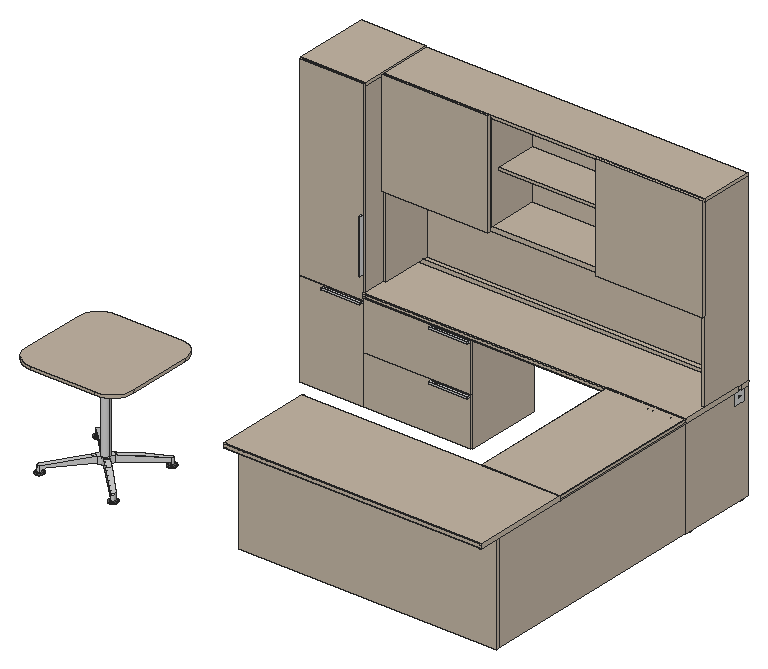
Revit family "FLT007", category Furniture, Revit 2015 (continued)
Definition of nested family "JSI-Flux-File_Pdst_Crdnz"
  Dimensions and locks (in)
    aligned and locked: Extrusion 9 sketch curve to plane 2 "Center (Left/Right)"
    aligned and locked: Extrusion 10 sketch curve to plane 30
    aligned and locked: Extrusion 10 sketch curve to plane 24
    aligned and locked: Extrusion 10 sketch curve to plane 33
    aligned and locked: Extrusion 10 sketch curve to plane 20
    aligned and locked: Extrusion 10 to plane 9
    aligned and locked: plane 13 to Extrusion 10
    aligned and locked: Extrusion 1 sketch curve to plane 6
    aligned and locked: Extrusion 1 sketch curve to plane 20
    aligned and locked: plane 13 to Extrusion 11 sketch curve
    aligned and locked: plane 12 to Extrusion 11 sketch curve
    aligned and locked: plane 22 to Extrusion 11 sketch curve
    aligned and locked: plane 21 to Extrusion 11 sketch curve
    aligned and locked: plane 33 to Extrusion 11
    aligned and locked: Extrusion 11 to plane 30
    aligned and locked: plane 13 to Extrusion 12 sketch curve
    aligned and locked: plane 17 to Extrusion 12 sketch curve
    aligned and locked: plane 21 to Extrusion 12 sketch curve
    aligned and locked: plane 20 to Extrusion 12 sketch curve
    aligned and locked: plane 18 to Extrusion 13 sketch curve
    aligned and locked: plane 12 to Extrusion 13 sketch curve
    aligned and locked: plane 20 to Extrusion 13 sketch curve
    aligned and locked: plane 21 to Extrusion 13 sketch curve
    aligned and locked: plane 33 to Extrusion 13
    aligned and locked: plane 33 to Extrusion 12
    aligned and locked: Extrusion 13 to plane 30
    aligned and locked: Extrusion 12 to plane 30
    aligned and locked: Extrusion 15 sketch curve to plane 42
    aligned and locked: Extrusion 15 sketch curve to plane 11
    aligned and locked: Extrusion 15 sketch curve to plane 41
    aligned and locked: Extrusion 15 sketch curve to plane 12
    aligned and locked: plane 43 to Extrusion 15
    aligned and locked: Extrusion 15 to plane 64
    aligned and locked: Extrusion 16 sketch curve to plane 42
    aligned and locked: Extrusion 16 sketch curve to plane 11
    aligned and locked: Extrusion 16 sketch curve to plane 41
    aligned and locked: Extrusion 16 sketch curve to plane 12
    aligned and locked: plane 63 to Extrusion 16
    aligned and locked: Extrusion 16 to plane 39
    aligned and locked: nested 1 to plane 65
    aligned and locked: nested 3 to plane 65
    aligned and locked: plane 66 to nested 3
    aligned and locked: nested 1 to plane 11  (x2)
    aligned and locked: plane 11 to nested 3
    aligned and locked: nested 3 to plane 11
    aligned and locked: Extrusion 17 sketch curve to plane 35
    aligned and locked: Extrusion 17 sketch curve to plane 27
    aligned and locked: Extrusion 17 sketch curve to plane 57
    aligned and locked: Extrusion 17 sketch curve to plane 58
    aligned and locked: Extrusion 17 to plane 3 "Center (Front/Back)"
    aligned and locked: plane 13 to Extrusion 17
    aligned and locked: Extrusion 18 sketch curve to Extrusion 14  (x9)
    aligned and locked: Extrusion 18 to plane 5
    aligned and locked: plane 40 to Extrusion 18
    aligned and locked: plane 2 "Center (Left/Right)" to curve 6
    aligned and locked: plane 2 "Center (Left/Right)" to curve 5
    aligned and locked: plane 25 to Extrusion 19 sketch curve
    aligned and locked: plane 24 to Extrusion 19 sketch curve
    aligned and locked: plane 12 to Extrusion 19 sketch curve
    aligned and locked: plane 16 to Extrusion 19 sketch curve
    aligned and locked: plane 33 to Extrusion 19
    aligned and locked: Extrusion 19 to plane 30
    aligned and locked: plane 68 to Extrusion 14
    aligned and locked: Extrusion 14 to plane 69
    aligned and locked: plane 70 to Extrusion 2
    aligned and locked: plane 67 to cut or joined group of Extrusion 3, Extrusion 9
    aligned and locked: curve 3 to plane 67
    aligned and locked: plane 67 to Extrusion 9
    aligned and locked: plane 24 to Extrusion 20 sketch curve
    aligned and locked: plane 11 to Extrusion 20 sketch curve
    aligned and locked: plane 6 to Extrusion 20 sketch curve
    aligned and locked: plane 20 to Extrusion 20 sketch curve
    aligned and locked: plane 51 to Extrusion 20 sketch curve
    aligned and locked: plane 16 to Extrusion 20 sketch curve
    aligned and locked: plane 26 to Extrusion 20 sketch curve
    aligned and locked: Extrusion 20 to plane 71
    aligned and locked: plane 74 to Extrusion 20
    aligned and locked: Extrusion 21 sketch curve to plane 72
    aligned and locked: Extrusion 21 sketch curve to plane 73
    aligned and locked: Extrusion 21 sketch curve to plane 9
    aligned and locked: Extrusion 21 sketch curve to plane 13
    aligned and locked: plane 24 to Extrusion 21
    aligned and locked: Extrusion 21 to plane 20
    aligned and locked: plane 55 to Extrusion 9
    aligned and locked: Extrusion 9 to plane 54
    aligned and locked: Extrusion 9 to plane 52
    aligned and locked: plane 53 to Extrusion 9
    aligned and locked: plane 1 to Extrusion 22
    aligned and locked: plane 1 to Extrusion 23
    aligned and locked: plane 20 to Extrusion 23
    aligned and locked: plane 20 to Extrusion 22
    aligned and locked: Extrusion 24 to plane 1
    aligned and locked: plane 20 to Extrusion 24
    aligned and locked: plane 78 to nested 2
    aligned and locked: curve 7 to plane 31
    aligned and locked: curve 8 to plane 30
    aligned and locked: curve 9 to plane 6
    aligned and locked: curve 10 to plane 12
    aligned and locked: curve 11 to plane 33
    aligned and locked: curve 12 to plane 7
    aligned and locked: curve 13 to plane 6
    aligned and locked: curve 14 to plane 12
    aligned and locked: plane 30 to curve 15
    aligned and locked: plane 33 to curve 16
    aligned and locked: plane 33 to curve 15
    aligned and locked: curve 17 to plane 9
    aligned and locked: curve 18 to plane 13
    aligned and locked: curve 19 to plane 72
    aligned and locked: curve 20 to plane 73
    aligned and locked: curve 22 to plane 74
    aligned and locked: curve 23 to plane 6
    aligned and locked: curve 24 to plane 11
    aligned and locked: curve 21 to plane 71
  Automatic sketch dimensions
    plane 14 to Extrusion 4 sketch curve = 0' - 0"
    Extrusion 4 sketch curve to plane 47 = 0' - 0"
    plane 46 to Extrusion 5 sketch curve = 0' - 0"
    Extrusion 5 sketch curve to plane 47 = 0' - 0"
    Extrusion 3 sketch curve to plane 11 = 0' - 0"  (x2)
    Extrusion 3 sketch curve to plane 9 = 0' - 0"  (x2)
    Extrusion 1 sketch curve to plane 15 = 0' - 0"
    Extrusion 1 sketch curve to plane 14 = 0' - 0"
    Extrusion 8 sketch curve to plane 15 = 0' - 0"
    Extrusion 8 sketch curve to plane 14 = 0' - 0"
    Extrusion 8 sketch curve to plane 24 = 0' - 0"  (x2)
    plane 14 to Extrusion 6 sketch curve = 0' - 0"
    Extrusion 6 sketch curve to plane 56 = 0' - 0"
    plane 46 to Extrusion 7 sketch curve = 0' - 0"
    Extrusion 7 sketch curve to plane 56 = 0' - 0"
    Extrusion 14 sketch curve to plane 16 = 0' - 0"
    Extrusion 14 sketch curve to plane 24 = 0' - 0"  (x2)
    Extrusion 14 sketch curve to plane 62 = 0' - 0"
    Extrusion 14 sketch curve to plane 59 = 0' - 0"
    Extrusion 14 sketch curve to plane 60 = 0' - 0"
    Extrusion 14 sketch curve to plane 61 = 0' - 0"
    Extrusion 14 sketch curve to plane 14 = 0' - 0"
    Extrusion 14 sketch curve to plane 26 = 0' - 0"
    Extrusion 14 sketch curve to plane 25 = 0' - 0.13664"  (x2)
    plane 28 to Extrusion 17 sketch curve = 0' - 0 5/8"
    Extrusion 17 sketch curve to Extrusion 17 sketch curve = 0' - 0"
    Extrusion 17 sketch curve to plane 58 = 0' - 1"  (x2)
    plane 53 to curve 6 = 0' - 0"
    plane 52 to curve 5 = 0' - 0"
    plane 4 to Extrusion 9 sketch curve = 5' - 5 7/8"
    Extrusion 20 sketch curve to plane 24 = 0' - 0"
    Extrusion 20 sketch curve to plane 15 = 0' - 0"
    Extrusion 20 sketch curve to plane 14 = 0' - 0"
    plane 14 to Extrusion 22 sketch curve = 0' - 0"
    Extrusion 22 sketch curve to plane 75 = 0' - 0"
    plane 46 to Extrusion 23 sketch curve = 0' - 0"
    Extrusion 23 sketch curve to plane 75 = 0' - 0"
    Extrusion 24 sketch curve to plane 76 = 0' - 0"
    plane 77 to Extrusion 24 sketch curve = 0' - 0"
    plane 13 to curve 16 = 0' - 0"
    plane 9 to curve 15 = 0' - 0"
  Nested families (in)
    nested 1: "Bar Pull C" at (-14.94689, -11.125, 27.48437), Pull Finish <- "Pull Finish", type "PL"
      with Pull Finish none, Stud 0' - 1.54911", Pull Width 0' - 10 27/32"
    nested 2: "Label 1-16" at (-21.00163, -11.25, 0), type "DRWCFG"
    nested 3: "Bar Pull C" at (-14.94689, -11.125, 13.79688), Pull Finish <- "Pull Finish", type "PL"
      with Pull Finish none, Stud 0' - 1.54911", Pull Width 0' - 10 27/32"
  Definition of nested family "Bar Pull C"
    Parameters
      Stud = Pull Width / 7  # 0' - 1.26339"
      Pull Width = 0' - 8 27/32"
      Pull Line [instance] = yes
      Pull Finish [instance] = none
    Reference planes (in)
      plane 1 "Center Front/Back": y = 0
      plane 2: z = 0
      plane 3 "Center Left/Right": x = 3.24213
      plane 4: y = -0.125
    Forms (in)
      Extrusion 1, solid, material <- "Pull Finish"
        sketch origin (0, 0, 0) x (1, 0, 0) y (0, 1, 0)
          loop
            line (-1.17975, 0) -> (-1.17975, -0.85113)
            arc (-1.17975, -0.85113) -> (-1.15229, -0.91742) -> (-1.086, -0.94488) r 0.09375
            line (-1.086, -0.94488) -> (7.58526, -0.94488)
            arc (7.58526, -0.94488) -> (7.64094, -0.92182) -> (7.664, -0.86614) r 0.07874
            line (7.664, -0.86614) -> (7.664, 0) -> (6.40061, 0) -> (6.40061, -0.70177)
            arc (6.40061, -0.70177) -> (6.364, -0.79016) -> (6.27561, -0.82677) r 0.125
            line (6.27561, -0.82677) -> (0.20864, -0.82677)
            arc (0.20864, -0.82677) -> (0.12026, -0.79016) -> (0.08364, -0.70177) r 0.125
            line (0.08364, -0.70177) -> (0.08364, 0) -> (-1.17975, 0)
        from -0.43307 to -0.11811
      Extrusion 2, solid, material <- "Pull Finish"
        sketch origin (0, 0, 0) x (1, 0, 0) y (0, 1, 0)
          loop
            line (-1.17975, 0) -> (-1.17975, -0.85113)
            arc (-1.17975, -0.85113) -> (-1.15229, -0.91742) -> (-1.086, -0.94488) r 0.09375
            line (-1.086, -0.94488) -> (7.58526, -0.94488)
            arc (7.58526, -0.94488) -> (7.64094, -0.92182) -> (7.664, -0.86614) r 0.07874
            line (7.664, -0.86614) -> (7.664, 0) -> (-1.17975, 0)
        from 0 to -0.11811
    Cuts and joins
      joined: Extrusion 1, Extrusion 2
    Lines and regions (in)
      symbolic lines, visible <- "Pull Line"
        curve 1: line (-1.17975, -0.125, 0) -> (-1.17975, -0.85113, 0)
        curve 2: line (7.664, -0.86614, 0) -> (7.664, -0.125, 0)
        curve 3: line (-1.086, -0.94488, 0) -> (7.58526, -0.94488, 0)
        curve 4: arc (-1.17975, -0.85113, 0) -> (-1.15229, -0.91742, 0) -> (-1.086, -0.94488, 0) r 0.09375
        curve 5: arc (7.58526, -0.94488, 0) -> (7.64094, -0.92182, 0) -> (7.664, -0.86614, 0) r 0.07874
    Dimensions and locks (in)
      equal spacing: Extrusion 1 sketch curve, plane 3 "Center Left/Right", Extrusion 1 sketch curve
      "Stud": Extrusion 1 sketch curve to Extrusion 1 sketch curve  (x2)
      "Pull Width": Extrusion 1 sketch curve to Extrusion 1 sketch curve
      locked: plane 4 to plane 1 "Center Front/Back" at 0.125
      aligned and locked: level to plane 2
      aligned and locked: Extrusion 2 sketch curve to Extrusion 1  (x2)
      aligned and locked: cut or joined group of Extrusion 1, Extrusion 2 to curve 1
      aligned and locked: curve 4 to cut or joined group of Extrusion 1, Extrusion 2
      aligned and locked: curve 5 to cut or joined group of Extrusion 1, Extrusion 2
      aligned and locked: plane 4 to curve 1
      aligned and locked: plane 4 to curve 2
    Automatic sketch dimensions
      plane 1 "Center Front/Back" to Extrusion 2 sketch curve = 0' - 0"
      plane 1 "Center Front/Back" to Extrusion 1 sketch curve = 0' - 0"  (x2)
      Extrusion 1 sketch curve to Extrusion 1 sketch curve = 0' - 0 3/32"
      Extrusion 1 sketch curve to Extrusion 1 sketch curve = 0' - 0 1/8"  (x2)
      Extrusion 1 sketch curve to Extrusion 1 sketch curve = 0' - 0.07874"
      plane 4 to Extrusion 1 sketch curve = 0' - 0.57677"
      plane 4 to Extrusion 1 sketch curve = 0' - 0.72613"
  Definition of nested family "Label 1-16"
    Parameters
      Model Name = "LOW DOOR"
    Reference planes (in)
      plane 1: y = 0
      plane 2: x = 0
    Text (in)
      label "XX" at (0.00051, -0.12324, 0), shows "Model Name"
Definition of nested family "JSI-Flux-Dbl_Ht_OH_Cab_Sldng_Dr"
  Parameters (values of type "Type Catalog - Dbl Ht Strg OH Cab, Sldng Dr")
    Wiring Hole Dist = if(Door Adjust > 3, 1' 6", 0' 9")  # 1' - 6"
    Top = none
    Width = 7' - 11 7/8"
    URL = "www.jsifurniture.com"
    Type Comments = ""
    TAG = if(Width > 6' 6", "1 Door - Open - 1 Door", "1 Door - Open")  # "1 Door - Open - 1 Door"
    Shelf Width_L = ((Partition Distance_L) - 0' 0 3/4")  # 2' - 6 13/16"
    Shelf Width_R = ((Partition Distance_L) - 0' 0 3/4")  # 2' - 6 13/16"
    Shelf Dist_R = if(Door Adjust = 6, (Shelf Width_L + Shelf Width_Central + (0' 0 3/4" * 3)), (Shelf Width_L + (0' 0 3/4" * 2)))  # 5' - 4 5/16"
    Shelf Dist_L = 0' - 0 3/4"
    Shelf Dist_C = if(Door Adjust = 6, (Partition Distance_L + 0' 0 3/4"), (if(Door Adjust = 4, 0' 0 3/4", (Partition Distance_L + 0' 0 3/4"))))  # 2' - 8 5/16"
    Shelf = none
    Series = "FLUX"  # constant formula
    Part-R = yes
    Part-L = yes
    Partition Distance_R = if(Door Adjust > 4, ((Door Adjust Width * 2) + 0' 0 1/8" - 0' 0 5/16"), ((Width / 2) - 0' 0 3/8"))  # 2' - 7 9/16"
    Partition Distance_L = if(Door Adjust > 4, ((Door Adjust Width * 2) + 0' 0 1/8" - 0' 0 5/16"), ((Width / 2) - 0' 0 3/8"))  # 2' - 7 9/16"
    OH Elevation = 2' - 5"
    Model = ""
    Manufacturer = "JSI"  # constant formula
    Level of Base Shelve = 1' - 11"
    Keynote = "12500"
    JSI Enviromental Website = "http://www.jsifurniture.com/jsi_sustainability_intro.php"
    Height = 4' - 4"
    Door Width = Partition Distance_L + 0' 0 5/16"  # 2' - 7 7/8"
    Door Array Dist = if(Door Adjust > 4, Shelf Dist_R - 0' 0 5/16", 0' 0")  # 5' - 4"
    Door Adjust Width = (Width - (0' 0 1/8" * (Door Adjust - 1))) / Door Adjust  # 1' - 3 7/8"
    Shelf Width_Central = if(Door Adjust > 4, (Width - (Shelf Width_L * 2) - 0' 3"), Shelf Width_L)  # 2' - 7 1/4"
    Back Panel = none
    Door Front = none
    Description = ""
    Depth = 1' - 3 7/8"
    Chassis = none
    Assembly Code = "E2020200"
    Door Adjust = if(Width > 6' 6", 6, if(Width > 4' 6", 4, (if(Width > 3' 0", 3, 2))))  # 6
    # of Doors = 2
  Reference planes (in)
    plane 1: z = 0
    plane 2 "Center (Left/Right)": x = -36.06413
    plane 3 "Center (Front/Back)": y = 10.75
    plane 4: y = 10
    plane 5: x = -35.31413
    plane 6: x = 59.81087
    plane 7: x = 59.06087
    plane 8: x = -4.50163
    plane 9: x = -3.75163
    plane 10: x = 28.24837
    plane 11: x = 27.49837
    plane 12: y = -5.0625
    plane 13: y = -4.3125
    plane 14: y = -4.25
    plane 15: y = -2.0625
    plane 16: y = -5.125
    plane 17: x = 11.87337
    plane 18: z = 29
    plane 19: z = 52
    plane 20: z = 53.1875
    plane 21: z = 51.75
    plane 22: z = 66.34375
    plane 23: z = 67.09375
    plane 24: z = 80.25
    plane 25: z = 81
    plane 26: z = 66.71875
    plane 27: y = 9.9375
    plane 28: y = 10.6875
    plane 29: x = -20.18913
    plane 30: x = -20.06413
    plane 31: z = 51.5
    plane 32: x = -35.31413
    plane 33: x = -4.50163
    plane 34: x = -3.75163
    plane 35: x = 28.24837
    plane 36: x = 27.49837
    plane 37: x = 59.06087
    plane 38: x = -18.06413
    plane 39: x = 41.81087
    plane 40: x = 43.93587
    plane 41: x = 43.81087
  Forms (in)
    Extrusion 1, solid, material <- "Chassis"
      sketch origin (0, 0, 0) x (1, 0, 0) y (0, 1, 0)
        loop
          line (-36.06413, 10.75) -> (-36.06413, -4.25) -> (-35.31413, -4.25) -> (-35.31413, 10.75) -> (-36.06413, 10.75)
      from 29 to 80.25
    Extrusion 2, solid, material <- "Chassis"
      sketch origin (0, 0, 0) x (1, 0, 0) y (0, 1, 0)
        loop
          line (59.06087, 10.75) -> (59.06087, -4.25) -> (59.81087, -4.25) -> (59.81087, 10.75) -> (59.06087, 10.75)
      from 29 to 80.25
    Extrusion 3, solid, material <- "Top"
      sketch origin (0, 0, 0) x (1, 0, 0) y (0, 0, 1)
        loop
          line (-36.06413, 80.25) -> (59.81087, 80.25) -> (59.81087, 81) -> (-36.06413, 81) -> (-36.06413, 80.25)
      from -10.75 to 4.25
    Extrusion 4, solid, material <- "Shelf"
      sketch origin (0, 0, 0) x (1, 0, 0) y (0, 0, 1)
        loop
          line (-35.31413, 53.1875) -> (-35.31413, 52) -> (59.06087, 52) -> (59.06087, 53.1875) -> (-35.31413, 53.1875)
      from -9.9375 to 4.25
    Extrusion 5, solid, material <- "Shelf"
      sketch origin (15.13982, 0, 0) x (1, 0, 0) y (0, 0, 1)
        loop
          line (-50.45396, 67.09375) -> (-50.45396, 66.34375) -> (-19.64146, 66.34375) -> (-19.64146, 67.09375) -> (-50.45396, 67.09375)
      from -9.9375 to 2.0625
    Extrusion 6, solid, material <- "Shelf"
      sketch origin (15.13982, 0, 0) x (1, 0, 0) y (0, 0, 1)
        loop
          line (-18.89146, 67.09375) -> (-18.89146, 66.34375) -> (12.35854, 66.34375) -> (12.35854, 67.09375) -> (-18.89146, 67.09375)
      from -9.9375 to 2.0625
    Extrusion 7, solid, material <- "Shelf"
      sketch origin (15.13982, 0, 0) x (1, 0, 0) y (0, 0, 1)
        loop
          line (13.10854, 67.09375) -> (13.10854, 66.34375) -> (43.92104, 66.34375) -> (43.92104, 67.09375) -> (13.10854, 67.09375)
      from -9.9375 to 2.0625
    Extrusion 8, solid, material <- "Back Panel"
      sketch origin (0, 0, 0) x (1, 0, 0) y (0, 0, 1)
        loop
          line (-35.31413, 80.25) -> (-35.31413, 29) -> (59.06087, 29) -> (59.06087, 80.25) -> (-35.31413, 80.25)
        loop
          circle (-18.06413, 51.5) r 0.3125
        loop
          circle (41.81087, 51.5) r 0.3125
      from -10.75 to -9.9375
    Extrusion 9, solid, material <- "Chassis", visible <- "Part-L"
      sketch origin (0, 0, 0) x (1, 0, 0) y (0, 1, 0)
        loop
          line (-4.50163, 9.9375) -> (-4.50163, -4.25) -> (-3.75163, -4.25) -> (-3.75163, 9.9375) -> (-4.50163, 9.9375)
      from 53.1875 to 80.25
    Extrusion 10, solid, material <- "Chassis", visible <- "Part-R"
      sketch origin (0, 0, 0) x (1, 0, 0) y (0, 1, 0)
        loop
          line (27.49837, 9.9375) -> (27.49837, -4.25) -> (28.24837, -4.25) -> (28.24837, 9.9375) -> (27.49837, 9.9375)
      from 53.1875 to 80.25
    Extrusion 11, solid, material <- "Door Front"
      sketch origin (16, 0, 0) x (1, 0, 0) y (0, 0, 1)
        loop
          line (-52.06413, 81) -> (-52.06413, 51.75) -> (-20.18913, 51.75) -> (-20.18913, 81) -> (-52.06413, 81)
      from 4.3125 to 5.125
    Extrusion 12, solid, material <- "Door Front"
      sketch origin (80, 0, 0) x (1, 0, 0) y (0, 0, 1)
        loop
          line (-52.06413, 81) -> (-52.06413, 51.75) -> (-20.18913, 51.75) -> (-20.18913, 81) -> (-52.06413, 81)
      from 4.3125 to 5.125
  Lines and regions (in)
    symbolic lines
      curve 1: line (-36.06413, 10.75, 0) -> (-36.06413, -4.25, 0)
      curve 2: line (59.81087, 10.75, 0) -> (-36.06413, 10.75, 0)
      curve 3: line (59.81087, 10.75, 0) -> (59.81087, -4.25, 0)
      curve 4: line (59.81087, -4.25, 0) -> (-36.06413, -4.25, 0)
      curve 5: line (-36.06413, -4.3125, 0) -> (-36.06413, -5.125, 0)
      curve 6: line (-4.18913, -4.3125, 0) -> (-36.06413, -4.3125, 0)
      curve 7: line (-4.18913, -5.125, 0) -> (-36.06413, -5.125, 0)
      curve 8: line (-4.18913, -5.125, 0) -> (-4.18913, -4.3125, 0)
      curve 9: line (27.93587, -4.3125, 0) -> (27.93587, -5.125, 0)
      curve 10: line (59.81087, -4.3125, 0) -> (27.93587, -4.3125, 0)
      curve 11: line (59.81087, -5.125, 0) -> (27.93587, -5.125, 0)
      curve 12: line (59.81087, -5.125, 0) -> (59.81087, -4.3125, 0)
    symbolic lines, detail levels medium+fine
      curve 13: line (59.06087, 10.6875, 0) -> (59.06087, -4.25, 0)
      curve 14: line (-35.31413, 10.6875, 0) -> (-35.31413, -4.25, 0)
      curve 15: line (59.06087, 9.9375, 0) -> (-35.31413, 9.9375, 0)
      curve 16: line (59.06087, 10.6875, 0) -> (-35.31413, 10.6875, 0)
    symbolic lines, visible <- "Part-L", detail levels medium+fine
      curve 17: line (-3.75163, -4.25, 0) -> (-3.75163, 9.9375, 0)
      curve 18: line (-3.75163, 9.9375, 0) -> (-4.50163, 9.9375, 0)
      curve 19: line (-4.50163, 9.9375, 0) -> (-4.50163, -4.25, 0)
      curve 20: line (-4.50163, -4.25, 0) -> (-3.75163, -4.25, 0)
    symbolic lines, visible <- "Part-R", detail levels medium+fine
      curve 21: line (28.24837, -4.25, 0) -> (28.24837, 9.9375, 0)
      curve 22: line (28.24837, 9.9375, 0) -> (27.49837, 9.9375, 0)
      curve 23: line (27.49837, 9.9375, 0) -> (27.49837, -4.25, 0)
      curve 24: line (27.49837, -4.25, 0) -> (28.24837, -4.25, 0)
  Dimensions and locks (in)
    "Width": plane 2 "Center (Left/Right)" to plane 6
    "Depth": plane 16 to plane 3 "Center (Front/Back)"
    locked: plane 4 to plane 3 "Center (Front/Back)" at 0.75
    plane 12 to plane 13 to plane 14 to plane 15 = 0' - 0 3/4" locked, 0' - 0 1/16" locked, 0' - 2 3/16" locked
    locked: plane 16 to plane 12 at 0.0625
    locked: plane 2 "Center (Left/Right)" to plane 5 at 0.75
    locked: plane 8 to plane 9 at 0.75
    locked: plane 11 to plane 10 at 0.75
    locked: plane 7 to plane 6 at 0.75
    equal spacing: plane 2 "Center (Left/Right)", plane 17, plane 6
    "Height": plane 25 to plane 18
    "OH Elevation": plane 18 to plane 1
    locked: plane 25 to plane 24 at 0.75
    locked: plane 23 to plane 22 at 0.75
    locked: plane 20 to plane 19 at 1.1875
    "Level of Base Shelve": plane 19 to plane 18
    plane 19 to plane 21 to plane 31 = 0' - 0 1/4" locked, 0' - 0 1/4" locked
    equal spacing: plane 24, plane 26, plane 20
    locked: plane 23 to plane 26 at 0.375
    locked: plane 28 to plane 3 "Center (Front/Back)" at 0.0625
    locked: plane 27 to plane 4 at 0.0625
    "Partition Distance_L": plane 2 "Center (Left/Right)" to plane 8
    "Partition Distance_R": plane 10 to plane 6
    "Shelf Width_L": plane 32 to plane 33
    "Shelf Width_R": plane 35 to plane 37
    "Shelf Width_Central": plane 34 to plane 36
    "Shelf Dist_L": plane 2 "Center (Left/Right)" to plane 32
    "Shelf Dist_C": plane 2 "Center (Left/Right)" to plane 34
    "Shelf Dist_R": plane 2 "Center (Left/Right)" to plane 35
    equal spacing: group 1, group 2, group 5, group 6, group 7, group 8  (x3)
    "Wiring Hole Dist": plane 2 "Center (Left/Right)" to plane 38
    "Wiring Hole Dist": plane 39 to plane 6
    "Door Width": Extrusion 11 sketch curve to Extrusion 11 sketch curve
    "Door Width": Extrusion 12 sketch curve to Extrusion 12 sketch curve
    group 3 to group 4 = 5' - 4"
    group 3 to group 4 = 0' - 0"  (x2)
    "Door Array Dist": Extrusion 11 to Extrusion 12
    radius of Extrusion 8 sketch curve = 0' - 0 5/16"  (x2)
    aligned and locked: level to plane 1
    aligned and locked: Extrusion 1 sketch curve to plane 2 "Center (Left/Right)"
    aligned and locked: Extrusion 1 sketch curve to plane 5
    aligned and locked: Extrusion 1 sketch curve to plane 3 "Center (Front/Back)"
    aligned and locked: Extrusion 1 sketch curve to plane 14
    aligned and locked: Extrusion 2 sketch curve to plane 7
    aligned and locked: Extrusion 2 sketch curve to plane 6
    aligned and locked: Extrusion 2 sketch curve to plane 3 "Center (Front/Back)"
    aligned and locked: Extrusion 2 sketch curve to plane 14
    aligned and locked: plane 24 to Extrusion 1
    aligned and locked: plane 24 to Extrusion 2
    aligned and locked: Extrusion 1 to plane 18
    aligned and locked: Extrusion 2 to plane 18
    aligned and locked: Extrusion 3 sketch curve to plane 24
    aligned and locked: Extrusion 3 sketch curve to plane 25
    aligned and locked: Extrusion 3 sketch curve to plane 2 "Center (Left/Right)"
    aligned and locked: Extrusion 3 sketch curve to plane 6
    aligned and locked: Extrusion 4 sketch curve to plane 20
    aligned and locked: Extrusion 4 sketch curve to plane 19
    aligned and locked: Extrusion 4 sketch curve to plane 5
    aligned and locked: Extrusion 4 sketch curve to plane 7
    aligned and locked: Extrusion 3 to plane 3 "Center (Front/Back)"
    aligned and locked: plane 14 to Extrusion 3
    aligned and locked: Extrusion 4 to plane 27
    aligned and locked: plane 14 to Extrusion 4
    aligned and locked: Extrusion 5 sketch curve to plane 23
    aligned and locked: Extrusion 5 sketch curve to plane 22
    aligned and locked: Extrusion 6 sketch curve to plane 23
    aligned and locked: Extrusion 6 sketch curve to plane 22
    aligned and locked: Extrusion 7 sketch curve to plane 23
    aligned and locked: Extrusion 8 sketch curve to plane 24
    aligned and locked: Extrusion 8 sketch curve to plane 5
    aligned and locked: Extrusion 8 sketch curve to plane 7
    aligned and locked: Extrusion 8 sketch curve to plane 18
    aligned and locked: plane 27 to Extrusion 8
    aligned and locked: Extrusion 9 sketch curve to plane 8
    aligned and locked: Extrusion 9 sketch curve to plane 9
    aligned and locked: Extrusion 9 sketch curve to plane 27
    aligned and locked: Extrusion 9 sketch curve to plane 14
    aligned and locked: Extrusion 10 sketch curve to plane 11
    aligned and locked: Extrusion 10 sketch curve to plane 10
    aligned and locked: Extrusion 10 sketch curve to plane 27
    aligned and locked: Extrusion 10 sketch curve to plane 14
    aligned and locked: plane 24 to Extrusion 9
    aligned and locked: Extrusion 9 to plane 20
    aligned and locked: plane 24 to Extrusion 10
    aligned and locked: Extrusion 10 to plane 20
    aligned and locked: Extrusion 5 to plane 27
    aligned and locked: plane 15 to Extrusion 5
    aligned and locked: Extrusion 6 to plane 27
    aligned and locked: plane 15 to Extrusion 6
    aligned and locked: plane 15 to Extrusion 7
    aligned and locked: Extrusion 7 to plane 27
    aligned and locked: plane 32 to Extrusion 5
    aligned and locked: plane 33 to Extrusion 5
    aligned and locked: plane 34 to Extrusion 6
    aligned and locked: plane 36 to Extrusion 6
    aligned and locked: plane 35 to Extrusion 7
    aligned and locked: plane 37 to Extrusion 7
    aligned and locked: plane 17 to nested 1
    aligned and locked: plane 12 to nested 1
    aligned and locked: curve 1 to plane 2 "Center (Left/Right)"
    aligned and locked: curve 2 to plane 3 "Center (Front/Back)"
    aligned and locked: curve 3 to plane 6
    aligned and locked: curve 4 to plane 14
    aligned and locked: plane 16 to Extrusion 11
    aligned and locked: Extrusion 11 to plane 13
    aligned and locked: Extrusion 11 to plane 2 "Center (Left/Right)"
    aligned and locked: curve 8 to Extrusion 11
    aligned and locked: curve 12 to Extrusion 12
    aligned and locked: curve 5 to Extrusion 11
    aligned and locked: curve 9 to Extrusion 12
    aligned and locked: plane 37 to curve 15
    aligned and locked: plane 32 to curve 15
    aligned and locked: curve 15 to plane 27
    aligned and locked: plane 32 to curve 16
    aligned and locked: plane 37 to curve 16
    aligned and locked: curve 17 to Extrusion 9
    aligned and locked: curve 18 to Extrusion 9
    aligned and locked: curve 19 to Extrusion 9
    aligned and locked: curve 20 to Extrusion 9
    aligned and locked: curve 21 to Extrusion 10
    aligned and locked: curve 22 to Extrusion 10
    aligned and locked: curve 23 to Extrusion 10
    aligned and locked: curve 24 to Extrusion 10
  Automatic sketch dimensions
    Extrusion 7 sketch curve to plane 22 = 0' - 0"
    plane 7 to Extrusion 7 sketch curve = 0' - 0"
    plane 8 to Extrusion 5 sketch curve = 0' - 0"
    Extrusion 6 sketch curve to plane 9 = 0' - 0"
    plane 11 to Extrusion 6 sketch curve = 0' - 0"
    plane 10 to Extrusion 7 sketch curve = 0' - 0"
    plane 5 to Extrusion 5 sketch curve = 0' - 0"
    Extrusion 8 sketch curve to plane 31 = 0' - 0"  (x2)
    Extrusion 8 sketch curve to plane 38 = 0' - 0"
    Extrusion 8 sketch curve to plane 39 = 0' - 0"
    Extrusion 11 sketch curve to Extrusion 11 sketch curve = 2' - 5 1/4"
    Extrusion 12 sketch curve to Extrusion 12 sketch curve = 2' - 5 1/4"
    curve 5 to curve 8 = 2' - 7 7/8"
    curve 8 to curve 8 = 0' - 0 13/16"
    curve 9 to curve 12 = 2' - 7 7/8"
    curve 12 to curve 12 = 0' - 0 13/16"
    plane 14 to curve 13 = 0' - 0"
    plane 14 to curve 14 = 0' - 0"
    plane 28 to curve 14 = 0' - 0"
  Nested families (in)
    nested 1: "Label 1-16 OH" at (11.87337, -5.0625, 0), type "OH DOORS"
  Definition of nested family "Label 1-16 OH"
    Parameters
      Width = 0' - 1"
      Model Name = "6 Doors"
    Reference planes (in)
      plane 1: y = 0
      plane 2: x = 0
    Text (in)
      label "XX" at (0.00051, -0.12324, 0), shows "Model Name"
Definition of nested family "JSI-Flux-Wb_Pm_Ht"
  Parameters (values of type "Type Catalog - Wb, Pm Ht")
    W = no
    V_Void_Dist = if(F, 0' 0", (if(W, (if(F7, (if(Width > 1' 7", 0' 0", 0' 2")), 0' 2")), 0' 2")))  # 0' - 0"
    V_Pull_Width = if(Height > 5' 10", 1' 2 27/32", 0' 10 27/32")  # 1' - 2 27/32"
    V_Pull_R_R = if(FD, (if(L, 1 > 2, 2 > 1)), (if(F, 1 > 2, (if(W, 1 > 2, 2 > 1)))))  # no
    V_Pull_R_L = if(FD, (if(L, 2 > 1, 1 > 2)), (if(F, (if(F0, (if(L, 1 > 2, 2 > 1)), 2 > 1)), 1 > 2)))  # yes
    V_Pull_L_R = if(FD, 1 > 2, (if(F, (if(F0, (if(L, 2 > 1, 1 > 2)), 2 > 1)), (if(W, (if(L, 1 > 2, (if(Width > 2' 1", 1 > 2, (if(F0, 1 > 2, 2 > 1)))))), 1 > 2)))))  # no
    V_Pull_L_L = if(FD, 1 > 2, (if(F, 1 > 2, (if(W, (if(Width > 2' 1", (if(F0, 1 > 2, 2 > 1)), (if(L, (if(F0, 1 > 2, 2 > 1)), 1 > 2)))), 2 > 1)))))  # no
    Top_V_Void_Dist = if(W, (if(Width > 2' 1", 0' 0", 0' 2")), 0' 2")  # 0' - 2"
    Top_Pull_Dist = if(W, (if(Width > 2' 1", (if(F7, ((Width / 2) - 0' 0 7/32" - Pull_Width), ((Width / 2) - (Pull_Width / 2)))), (if(F0, (if(F1, ((Width / 2) - (Pull_Width / 2)), (if(F2, ((Width / 2) - (Pull_Width / 2)), (if(L, (0' 0 1/4" + 0' 0 1/16"), (Width - 0' 0 1/4" - 0' 0 1/16" - Pull_Width))))))), (if(L, (0' 0 1/4" + 0' 0 1/16"), (Width - 0' 0 1/4" - 0' 0 1/16" - Pull_Width))))))), (if(L, Partition Dist + 0' 0 1/16" + 0' 0 7/32", Partition Dist + 0' 0 11/16" - 0' 0 7/32" - Pull_Width)))  # 0' - 0 29/32"
    Top_Pull = if(F1, 2 > 1, (if(F2, 2 > 1, (if(F7, 2 > 1, 1 > 2)))))  # yes
    Top_2_Pull_Dist = if(W, (if(F7, (if(Width > 1' 6", ((Width / 2) + 0' 0 1/16" + 0' 0 7/32"), Width + 0' 2")), Width + 0' 2")), Width + 0' 2")  # 1' - 8 1/16"
    Top_2_Pull = if(W, (if(F7, (if(Width > 2' 1", 2 > 1, 1 > 2)), 1 > 2)), 1 > 2)  # no
    R_Vertical_Pull_Dist = if(FD, (if(L, 0' 0 1/32" + 0' 0 1/16" + 0' 0 7/32", (Width - 0' 0 1/32" - 0' 0 1/16" - 0' 0 7/32"))), L_Vertical_Pull_Dist + 0' 0 7/16" + 0' 0 1/8")  # 1' - 0 5/16"
    Pull_Width = if(Width > 2' 1", (if(F7, 0' 10 27/32", 1' 2 3/4")), 0' 10 27/32")  # 0' - 10 27/32"
    Partition = if(FD, 1 > 2, (if(W, 1 > 2, 2 > 1)))  # yes
    L_Vertical_Pull_Dist = (if(W, (if(Width > 2' 1", ((Width / 2) + 0' 0 1/16" + 0' 0 7/32"), (if(L, 0' 0 1/16" + 0' 0 7/32", Width - 0' 0 1/16" - 0' 0 7/32")))), (if(L, Partition Dist - 0' 0 7/32" - 0' 0 1/16", Partition Dist + 0' 0 3/4" - 0' 0 7/32" - 0' 0 1/16"))))  # 0' - 11 3/4"
    Hngr_R = if(W, 1 > 2, (if(FD, 1 > 2, (if(L, 2 > 1, 1 > 2)))))  # no
    Hngr_L = if(W, 1 > 2, (if(FD, 1 > 2, (if(L, 1 > 2, 2 > 1)))))  # yes
    Hanger_Dist = if(L, Partition Dist + 0' 0 3/4", Partition Dist)  # 0' - 11 9/32"
    H_Void_Width = if(F, Top_Shelf_Width + 0' 1 1/2", Width)  # 1' - 0"
    H_Void_Upper_Dist = if(F0, 0' 0", 0' 2")  # 0' - 0"
    H_Void_Top_Dist = if(FD, 0' 2", 0' 0")  # 0' - 0"
    H_Void_H_Dist = if(F, (if(L, Partition Dist + 0' 0 1/16", 0' 0")), 0' 0")  # 0' - 0"
    H_Void_C_Dist = if(F1, 0' 0", 0' 2")  # 0' - 0"
    H_Void_Bottom_Dist = if(F1, 0' 0", (if(F2, 0' 0", 0' 2")))  # 0' - 0"
    H_Dist_V_Void = if(F, (if(L, Partition Dist - 0' 0 1/16", Partition Dist + 0' 0 3/4" - 0' 0 1/16")), (Width / 2) - 0' 0 1/16")  # 0' - 11 31/32"
    H_Dist_C_Panel = if(F, (if(L, Partition Dist - 0' 0 1/32", 0' 0")), 0' 0")  # 0' - 0"
    Top_Shelf_Width = C_Shelf_Width  # 0' - 10 1/2"
    Top_Shelf_Dist = (Height - 0' 0 5/16" - 0' 1 1/2" - 0' 1 3/16") / 4.75  # 1' - 4.46711"
    Top_Shelf_Array_Dist = (Height - 0' 0 5/16" - 0' 1 1/2" - 0' 1 3/16") / 5.5  # 1' - 2.22159"
    Top = none
    Width = 1' - 6 1/16"
    URL = "www.jsifurniture.com"
    Type Comments = ""
    TAG = if(FD, "1Door", (if(F1, "BBF", (if(F2, "FF", (if(Width < 2' 1", "1 Door", "2 Doors")))))))  # "BBF"
    Shelf = none
    Series = "FLUX"  # constant formula
    Pull Finish = none
    Partition Dist = if(L, 0' 6 1/32", Width - 0' 6 1/32" - 0' 0 3/4")  # 0' - 11 9/32"
    Model = ""
    Manufacturer = "JSI"  # constant formula
    L = no
    Keynote = "12500"
    JSI Enviromental Website = "http://www.jsifurniture.com/jsi_sustainability_intro.php"
    Height = 6' - 9 7/32"
    H_Dist_Top_Shelf = if(F, (if(L, Partition Dist + 0' 0 3/4", 0' 0 3/4" + 0' 0 1/32")), 0' 0 3/4" + 0' 0 1/32")  # 0' - 0 25/32"
    H_Dist_Bottom_Shelf = if(F, (if(L, 0' 0", Width - Bottom_Shelf_Width - 0' 0 1/16" - 0' 1 1/2")), 0' 0")  # 0' - 11 1/4"
    Glides = none
    FD = no
    F7 = yes
    F2 = yes
    F1 = yes
    F0 = yes
    F = yes
    Door Line = if(W, (if(Width > 2' 1", (if(F0, (if(F7, 2 > 1, 1 > 2)), 2 > 1)), 1 > 2)), 1 > 2)  # no
    C_Shelf_Width = if(F, Width - 0' 6 1/32" - 0' 1 1/2" - 0' 0 1/32", Width - 0' 0 1/16" - 0' 1 1/2")  # 0' - 10 1/2"
    C_Pull_Dist = Top_Pull_Dist  # 0' - 0 29/32"
    C_Pull = if(F1, 2 > 1, 1 > 2)  # yes
    Bottom_Shelf_Width = if(F, 0' 5 1/4", (Width - 0' 0 1/16" - 0' 1 1/2"))  # 0' - 5 1/4"
    Bottom_Shelf_ Dist = if(FD, 1' 7", 2' 1")  # 2' - 1"
    Bottom_Pull_Dist = Top_Pull_Dist  # 0' - 0 29/32"
    Bottom Pull = if(F1, 2 > 1, (if(F2, 2 > 1, 1 > 2)))  # yes
    Back Panel = none
    Door Front = none
    Description = ""
    Depth = 1' - 9 13/16"
    Chassis = none
    Assembly Code = "E2020200"
    # of Top Shelf = if(Height > 5' 10", 3, 2)  # 3
  Reference planes (in)
    plane 1: z = 0
    plane 2 "Center (Left/Right)": x = -36.06413
    plane 3 "Center (Front/Back)": y = 10.75
    plane 4: x = -18.00163
    plane 5: x = -36.03288
    plane 6: x = -18.03288
    plane 7: y = 10.71875
    plane 8: y = -10.28125
    plane 9: x = -35.28288
    plane 10: x = -18.78288
    plane 11: x = -27.03288
    plane 12: z = 81.21875
    plane 13: z = 0.3125
    plane 14: z = 1.5
    plane 15: z = 2.25
    plane 16: z = 80.46875
    plane 17: y = 10.65625
    plane 18: y = 9.90625
    plane 19: y = 5.90625
    plane 20: y = -10.25
    plane 21: y = -6.25
    plane 22: x = -34.28288
    plane 23: x = -19.78288
    plane 24: y = -9.25
    plane 25: y = 8.90625
    plane 26: y = -11.0625
    plane 27: z = 0.4375
    plane 28: x = -35.97038
    plane 29: x = -18.09538
    plane 30: x = -27.09538
    plane 31: x = -26.97038
    plane 32: z = 81.09375
    plane 33: z = 26.5
    plane 34: z = 27.25
    plane 35: z = 14.375
    plane 36: z = 14.75
    plane 37: z = 14
    plane 38: z = 68.46875
    plane 39: z = 67.71875
    plane 40: y = -10.3125
    plane 41: y = -10.3125
    plane 42: y = -11.3125
    plane 43: y = -10.3125
    plane 44: y = -11.3125
    plane 45: y = -10.3125
    plane 46: y = -11.3125
    plane 47: y = -10.3125
    plane 48: y = -11.3125
    plane 49: z = 26.9375
    plane 50: z = 27.0625
    plane 51: z = 1.625
    plane 52: z = 14.28125
    plane 53: z = 14.34375
    plane 54: z = 14.21875
    plane 55: x = -24.78288
    plane 56: x = -24.03288
    plane 57: x = -24.09538
    plane 58: x = -23.97038
    plane 59: z = 20.64063
    plane 60: z = 20.70313
    plane 61: z = 20.57813
    plane 62: x = -36.06413
    plane 63: x = -24.06413
    plane 64: y = -10.3125
    plane 65: y = -11.3125
    plane 66: x = -24.78288
    plane 67: y = -0.15625
    plane 68: z = 77.59375
    plane 69: x = -35.15788
    plane 70: x = -35.15788
    plane 71: x = -35.15788
    plane 72: z = 26.73438
    plane 73: z = 20.375
    plane 74: z = 14.01563
    plane 75: x = -24.31413
    plane 76: x = -23.75163
    plane 77: z = 40.76563
    plane 78: x = -16.00163
    plane 79: y = -12.3125
    plane 80: y = -13.3125
  Forms (in)
    Extrusion 1, solid, material <- "Chassis"
      sketch origin (0, 0, 0) x (1, 0, 0) y (0, 1, 0)
        loop
          line (-36.03288, 10.71875) -> (-36.03288, -10.25) -> (-35.28288, -10.25) -> (-35.28288, 10.71875) -> (-36.03288, 10.71875)
      from 0.3125 to 80.46875
    Extrusion 2, solid, material <- "Chassis"
      sketch origin (0, 0, 0) x (1, 0, 0) y (0, 1, 0)
        loop
          line (-18.03288, 10.71875) -> (-18.78288, 10.71875) -> (-18.78288, -10.25) -> (-18.03288, -10.25) -> (-18.03288, 10.71875)
      from 0.3125 to 80.46875
    Extrusion 3, solid, material <- "Back Panel"
      sketch origin (0, 0, 0) x (1, 0, 0) y (0, 1, 0)
        loop
          line (-18.78288, 10.65625) -> (-35.28288, 10.65625) -> (-35.28288, 9.90625) -> (-18.78288, 9.90625) -> (-18.78288, 10.65625)
      from 0.3125 to 80.46875
    Extrusion 4, solid, material <- "Top"
      sketch origin (0, 0, 0) x (0, 1, 0) y (0, 0, 1)
        loop
          line (10.75, 81.21875) -> (-10.28125, 81.21875) -> (-10.28125, 80.46875) -> (10.75, 80.46875) -> (10.75, 81.21875)
      from -36.06413 to -18.00163
    Extrusion 5, solid, material <- "Chassis"
      sketch origin (0, 0, 0) x (0, 1, 0) y (0, 0, 1)
        loop
          line (9.90625, 1.5) -> (5.90625, 1.5) -> (5.90625, 0.3125) -> (9.90625, 0.3125) -> (9.90625, 1.5)
      from -35.28288 to -18.78288
    Extrusion 6, solid, material <- "Chassis"
      sketch origin (0, 0, 0) x (0, 1, 0) y (0, 0, 1)
        loop
          line (-6.25, 1.5) -> (-10.25, 1.5) -> (-10.25, 0.3125) -> (-6.25, 0.3125) -> (-6.25, 1.5)
      from -35.28288 to -18.78288
    Extrusion 7, solid, material <- "Shelf"
      sketch origin (0, 0, 0) x (0, 1, 0) y (0, 0, 1)
        loop
          line (9.90625, 1.5) -> (9.90625, 2.25) -> (-10.25, 2.25) -> (-10.25, 1.5) -> (9.90625, 1.5)
      from -35.28288 to -18.78288
    Extrusion 8, solid, material <- "Glides"
      sketch origin (0, 0, 0) x (1, 0, 0) y (0, 1, 0)
        loop
          circle (-34.28288, 8.90625) r 0.5
      from 0 to 0.3125
    Extrusion 9, solid, material <- "Glides"
      sketch origin (0, 0, 0) x (1, 0, 0) y (0, 1, 0)
        loop
          circle (-19.78288, 8.90625) r 0.5
      from 0 to 0.3125
    Extrusion 10, solid, material <- "Glides"
      sketch origin (0, 0, 0) x (1, 0, 0) y (0, 1, 0)
        loop
          circle (-34.28288, -9.25) r 0.5
      from 0 to 0.3125
    Extrusion 11, solid, material <- "Glides"
      sketch origin (0, 0, 0) x (1, 0, 0) y (0, 1, 0)
        loop
          circle (-19.78288, -9.25) r 0.5
      from 0 to 0.3125
    Extrusion 12, solid, material <- "Shelf"
      sketch origin (0, 0, 0) x (1, 0, 0) y (0, 0, 1)
        loop
          line (-35.28288, 26.5) -> (-24.78288, 26.5) -> (-24.78288, 27.25) -> (-35.28288, 27.25) -> (-35.28288, 26.5)
      from -9.90625 to 10.25
    Extrusion 13, solid, material <- "Shelf"
      sketch origin (2.625, 0, 0) x (1, 0, 0) y (0, 0, 1)
        loop
          line (-26.65788, 14) -> (-21.40788, 14) -> (-21.40788, 14.75) -> (-26.65788, 14.75) -> (-26.65788, 14)
      from -9.90625 to 10.25
    Extrusion 14, solid, material <- "Shelf"
      sketch origin (-1, 0, -3.71711) x (1, 0, 0) y (0, 0, 1)
        loop
          line (-34.28288, 68.46875) -> (-34.28288, 67.71875) -> (-23.78288, 67.71875) -> (-23.78288, 68.46875) -> (-34.28288, 68.46875)
      from -9.90625 to 9.25
    Extrusion 15, solid, material <- "Shelf"
      sketch origin (-1, 0, -17.9387) x (1, 0, 0) y (0, 0, 1)
        loop
          line (-34.28288, 68.46875) -> (-34.28288, 67.71875) -> (-23.78288, 67.71875) -> (-23.78288, 68.46875) -> (-34.28288, 68.46875)
      from -9.90625 to 9.25
    Extrusion 16, solid, material <- "Shelf"
      sketch origin (-1, 0, -32.16029) x (1, 0, 0) y (0, 0, 1)
        loop
          line (-34.28288, 68.46875) -> (-34.28288, 67.71875) -> (-23.78288, 67.71875) -> (-23.78288, 68.46875) -> (-34.28288, 68.46875)
      from -9.90625 to 9.25
    Extrusion 17, solid, material <- "Door Front"
      sketch origin (0, 0, 0) x (1, 0, 0) y (0, 1, 0)
        loop
          line (-35.97038, -10.3125) -> (-35.97038, -11.0625) -> (-18.09538, -11.0625) -> (-18.09538, -10.3125) -> (-35.97038, -10.3125)
      from 0.4375 to 81.09375
    Extrusion 18, solid, material <- "Chassis", visible <- "Partition"
      sketch origin (0, 0, 0) x (1, 0, 0) y (0, 1, 0)
        loop
          line (-24.78288, 9.90625) -> (-24.78288, -10.25) -> (-24.03288, -10.25) -> (-24.03288, 9.90625) -> (-24.78288, 9.90625)
      from 2.25 to 80.46875
    Extrusion 19, void
      sketch origin (0, 0, 0) x (1, 0, 0) y (0, 1, 0)
        loop
          line (-24.09538, -10.3125) -> (-24.09538, -11.3125) -> (-23.97038, -11.3125) -> (-23.97038, -10.3125) -> (-24.09538, -10.3125)
      from 0.3125 to 81.21875
    Extrusion 20, void
      sketch origin (0, 0, 0) x (1, 0, 0) y (0, 0, 1)
        loop
          line (-36.06413, 26.9375) -> (-24.06413, 26.9375) -> (-24.06413, 27.0625) -> (-36.06413, 27.0625) -> (-36.06413, 26.9375)
      from 10.3125 to 11.3125
    Extrusion 21, void
      sketch origin (0, 0, 0) x (1, 0, 0) y (0, 0, 1)
        loop
          line (-36.06413, 20.70313) -> (-36.06413, 20.57813) -> (-24.06413, 20.57813) -> (-24.06413, 20.70313) -> (-36.06413, 20.70313)
      from 10.3125 to 11.3125
    Extrusion 22, void
      sketch origin (0, 0, 0) x (1, 0, 0) y (0, 0, 1)
        loop
          line (-36.06413, 14.34375) -> (-36.06413, 14.21875) -> (-24.06413, 14.21875) -> (-24.06413, 14.34375) -> (-36.06413, 14.34375)
      from 10.3125 to 11.3125
    Extrusion 23, void
      sketch origin (0, 0, 0) x (1, 0, 0) y (0, 0, 1)
        loop
          line (-36.06413, 81.21875) -> (-36.06413, 27.0625) -> (-24.06413, 27.0625) -> (-24.06413, 81.21875) -> (-36.06413, 81.21875)
      from 10.3125 to 11.3125
    Extrusion 24, void
      sketch origin (0, 0, 0) x (1, 0, 0) y (0, 1, 0)
        loop
          line (-24.09538, -12.3125) -> (-24.09538, -13.3125) -> (-23.97038, -13.3125) -> (-23.97038, -12.3125) -> (-24.09538, -12.3125)
      from 26.9375 to 81.21875
  Cuts and joins
    Extrusion 19, Extrusion 20, Extrusion 21, Extrusion 22, Extrusion 23, Extrusion 24 cuts Extrusion 17
  Lines and regions (in)
    symbolic lines
      curve 1: line (-36.06413, 10.75, 0) -> (-36.06413, -10.28125, 0)
      curve 2: line (-18.00163, 10.75, 0) -> (-36.06413, 10.75, 0)
      curve 3: line (-18.00163, -10.28125, 0) -> (-36.06413, -10.28125, 0)
      curve 4: line (-18.00163, 10.75, 0) -> (-18.00163, -10.28125, 0)
      curve 15: line (-35.97038, -10.3125, 0) -> (-35.97038, -11.0625, 0)
      curve 16: line (-18.09538, -10.3125, 0) -> (-23.97038, -10.3125, 0)
      curve 17: line (-18.09538, -11.0625, 0) -> (-23.97038, -11.0625, 0)
      curve 18: line (-18.09538, -10.3125, 0) -> (-18.09538, -11.0625, 0)
      curve 21: line (-24.09538, -10.3125, 0) -> (-35.97038, -10.3125, 0)
      curve 22: line (-24.09538, -11.0625, 0) -> (-35.97038, -11.0625, 0)
    symbolic lines, detail levels medium+fine
      curve 5: line (-36.03288, 10.71875, 0) -> (-36.03288, -10.25, 0)
      curve 6: line (-35.28288, 10.71875, 0) -> (-35.28288, -10.25, 0)
      curve 7: line (-18.78288, 10.71875, 0) -> (-18.78288, -10.25, 0)
      curve 8: line (-18.03288, 10.71875, 0) -> (-18.03288, -10.25, 0)
      curve 9: line (-35.28288, 10.71875, 0) -> (-36.03288, 10.71875, 0)
      curve 10: line (-35.28288, -10.25, 0) -> (-36.03288, -10.25, 0)
      curve 11: line (-18.03288, 10.71875, 0) -> (-18.78288, 10.71875, 0)
      curve 12: line (-18.03288, -10.25, 0) -> (-18.78288, -10.25, 0)
      curve 13: line (-18.78288, 10.65625, 0) -> (-35.28288, 10.65625, 0)
      curve 14: line (-18.78288, 9.90625, 0) -> (-35.28288, 9.90625, 0)
    symbolic lines, visible <- "F"
      curve 19: line (-24.09538, -10.3125, 0) -> (-24.09538, -11.0625, 0)
      curve 20: line (-23.97038, -10.3125, 0) -> (-23.97038, -11.0625, 0)
    symbolic lines, visible <- "FD"
      curve 23: line (-24.09538, -10.3125, 0) -> (-23.97038, -10.3125, 0)
      curve 24: line (-24.09538, -11.0625, 0) -> (-23.97038, -11.0625, 0)
    symbolic lines, visible <- "Door Line"
      curve 25: line (-24.09538, -10.3125, 0) -> (-24.09538, -11.0625, 0)
      curve 26: line (-23.97038, -10.3125, 0) -> (-23.97038, -11.0625, 0)
    symbolic lines, visible <- "W"
      curve 27: line (-24.09538, -11.0625, 0) -> (-23.97038, -11.0625, 0)
      curve 28: line (-24.09538, -10.3125, 0) -> (-23.97038, -10.3125, 0)
  Dimensions and locks (in)
    locked: plane 2 "Center (Left/Right)" to plane 5 at 0.03125
    locked: plane 6 to plane 4 at 0.03125
    "Width": plane 2 "Center (Left/Right)" to plane 4
    locked: plane 7 to plane 3 "Center (Front/Back)" at 0.03125
    locked: plane 5 to plane 9 at 0.75
    locked: plane 10 to plane 6 at 0.75
    equal spacing: plane 2 "Center (Left/Right)", plane 11, plane 4
    "Height": plane 12 to plane 1
    locked: plane 12 to plane 16 at 0.75
    locked: plane 13 to plane 1 at 0.3125
    locked: plane 15 to plane 14 at 0.75
    locked: plane 14 to plane 13 at 1.1875
    plane 18 to plane 17 to plane 7 = 0' - 0 3/4" locked, 0' - 0 1/16" locked
    locked: plane 19 to plane 18 at 4
    plane 40 to plane 8 to plane 20 = 0' - 0 1/32", 0' - 0 1/32"
    locked: plane 20 to plane 21 at 4
    locked: plane 9 to plane 22 at 1
    locked: plane 23 to plane 10 at 1
    locked: plane 20 to plane 24 at 1
    locked: plane 25 to plane 18 at 1
    locked: curve 5 to curve 6 at 0.75
    locked: curve 7 to curve 8 at 0.75
    locked: plane 27 to plane 13 at 0.125
    locked: plane 5 to plane 28 at 0.0625
    locked: plane 29 to plane 6 at 0.0625
    plane 30 to plane 11 to plane 31 = 0' - 0 1/16" locked, 0' - 0 1/16" locked
    locked: plane 12 to plane 32 at 0.125
    locked: plane 34 to plane 33 at 0.75
    "Bottom_Shelf_ Dist": plane 34 to plane 15
    equal spacing: plane 33, plane 35, plane 15
    plane 36 to plane 35 to plane 37 = 0' - 0 3/8" locked, 0' - 0 3/8" locked
    locked: plane 38 to plane 39 at 0.75
    locked: plane 26 to plane 40 at 0.75
    "Depth": plane 26 to plane 3 "Center (Front/Back)"
    "C_Shelf_Width": Extrusion 12 sketch curve to Extrusion 12 sketch curve
    "Bottom_Shelf_Width": Extrusion 13 sketch curve to Extrusion 13 sketch curve
    "H_Dist_Bottom_Shelf": Extrusion 13 to plane 9
    "H_Dist_C_Panel": Extrusion 12 to plane 9
    "Top_Shelf_Width": Extrusion 14 sketch curve to Extrusion 14 sketch curve
    locked: Extrusion 14 sketch curve to Extrusion 14 sketch curve at 0.75
    "Top_Shelf_Width": Extrusion 15 sketch curve to Extrusion 15 sketch curve
    locked: Extrusion 15 sketch curve to Extrusion 15 sketch curve at 0.75
    equal spacing: group 1, group 2, group 3  (x2)
    equal spacing: group 3, group 2, group 1
    "H_Dist_Top_Shelf": Extrusion 14 to plane 2 "Center (Left/Right)"
    "Top_Shelf_Dist": plane 12 to Extrusion 14
    "Top_Shelf_Array_Dist": Extrusion 14 to Extrusion 15
    "Top_Shelf_Width": Extrusion 16 sketch curve to Extrusion 16 sketch curve
    locked: Extrusion 16 sketch curve to Extrusion 16 sketch curve at 0.75
    locked: plane 34 to plane 49 at 0.3125
    locked: plane 50 to plane 49 at 0.125
    locked: plane 51 to plane 14 at 0.125
    equal spacing: plane 49, plane 52, plane 51
    plane 53 to plane 52 to plane 54 = 0' - 0 1/16" locked, 0' - 0 1/16" locked
    locked: plane 55 to plane 56 at 0.75
    "Partition Dist": plane 2 "Center (Left/Right)" to plane 55
    locked: plane 57 to plane 58 at 0.125
    "H_Dist_V_Void": plane 2 "Center (Left/Right)" to plane 57
    equal spacing: plane 49, plane 59, plane 53
    plane 60 to plane 59 to plane 61 = 0' - 0 1/16" locked, 0' - 0 1/16" locked
    "H_Void_Width": plane 62 to plane 63
    "H_Void_H_Dist": plane 2 "Center (Left/Right)" to plane 62
    "V_Void_Dist": plane 41 to plane 40
    "H_Void_Top_Dist": plane 43 to plane 40
    "H_Void_C_Dist": plane 45 to plane 40
    "H_Void_Bottom_Dist": plane 47 to plane 40
    locked: plane 42 to plane 41 at 1
    locked: plane 44 to plane 43 at 1
    locked: plane 46 to plane 45 at 1
    locked: plane 48 to plane 47 at 1
    locked: plane 65 to plane 64 at 1
    "H_Void_Upper_Dist": plane 64 to plane 40
    equal spacing: plane 26, plane 67, plane 3 "Center (Front/Back)"
    locked: plane 12 to plane 68 at 3.625
    "Hanger_Dist": plane 2 "Center (Left/Right)" to plane 66
    locked: plane 49 to plane 72 at 0.20313
    locked: plane 61 to plane 73 at 0.20312
    locked: plane 54 to plane 74 at 0.20312
    "Top_Pull_Dist": plane 2 "Center (Left/Right)" to plane 69
    "C_Pull_Dist": plane 2 "Center (Left/Right)" to plane 70
    "Bottom_Pull_Dist": plane 2 "Center (Left/Right)" to plane 71
    plane 12 to plane 13 = 6' - 8 29/32"
    equal spacing: plane 12, plane 77, plane 13
    "L_Vertical_Pull_Dist": plane 2 "Center (Left/Right)" to plane 75
    "R_Vertical_Pull_Dist": plane 2 "Center (Left/Right)" to plane 76
    "Top_2_Pull_Dist": plane 2 "Center (Left/Right)" to plane 78
    locked: plane 80 to plane 79 at 1
    "Top_V_Void_Dist": plane 79 to plane 43
    radius of Extrusion 8 sketch curve = 0' - 0 1/2"
    radius of Extrusion 9 sketch curve = 0' - 0 1/2"
    radius of Extrusion 10 sketch curve = 0' - 0 1/2"
    radius of Extrusion 11 sketch curve = 0' - 0 1/2"
    aligned and locked: level to plane 1
    aligned and locked: Extrusion 1 sketch curve to plane 5
    aligned and locked: Extrusion 1 sketch curve to plane 9
    aligned and locked: Extrusion 1 sketch curve to plane 7
    aligned and locked: Extrusion 2 sketch curve to plane 7
    aligned and locked: Extrusion 2 sketch curve to plane 6
    aligned and locked: Extrusion 2 sketch curve to plane 10
    aligned and locked: Extrusion 3 sketch curve to plane 17
    aligned and locked: Extrusion 3 sketch curve to plane 18
    aligned and locked: Extrusion 3 sketch curve to plane 9
    aligned and locked: Extrusion 3 sketch curve to plane 10
    aligned and locked: plane 16 to Extrusion 3
    aligned and locked: plane 3 "Center (Front/Back)" to Extrusion 4 sketch curve
    aligned and locked: plane 12 to Extrusion 4 sketch curve
    aligned and locked: plane 16 to Extrusion 4 sketch curve
    aligned and locked: plane 8 to Extrusion 4 sketch curve
    aligned and locked: Extrusion 4 to plane 2 "Center (Left/Right)"
    aligned and locked: plane 4 to Extrusion 4
    aligned and locked: plane 18 to Extrusion 5 sketch curve
    aligned and locked: plane 19 to Extrusion 5 sketch curve
    aligned and locked: plane 13 to Extrusion 5 sketch curve
    aligned and locked: plane 14 to Extrusion 5 sketch curve
    aligned and locked: Extrusion 3 to plane 13
    aligned and locked: plane 21 to Extrusion 6 sketch curve
    aligned and locked: plane 20 to Extrusion 6 sketch curve
    aligned and locked: plane 13 to Extrusion 6 sketch curve
    aligned and locked: plane 14 to Extrusion 6 sketch curve
    aligned and locked: Extrusion 5 to plane 9
    aligned and locked: Extrusion 6 to plane 9
    aligned and locked: plane 10 to Extrusion 6
    aligned and locked: plane 10 to Extrusion 5
    aligned and locked: plane 14 to Extrusion 7 sketch curve
    aligned and locked: plane 15 to Extrusion 7 sketch curve
    aligned and locked: plane 18 to Extrusion 7 sketch curve
    aligned and locked: plane 20 to Extrusion 7 sketch curve
    aligned and locked: Extrusion 7 to plane 9
    aligned and locked: plane 10 to Extrusion 7
    aligned and locked: Extrusion 10 to plane 1
    aligned and locked: Extrusion 8 to plane 1
    aligned and locked: plane 13 to Extrusion 8
    aligned and locked: plane 13 to Extrusion 10
    aligned and locked: Extrusion 11 to plane 1
    aligned and locked: Extrusion 9 to plane 1
    aligned and locked: plane 13 to Extrusion 9
    aligned and locked: plane 13 to Extrusion 11
    aligned and locked: plane 11 to nested 1
    aligned and locked: curve 1 to plane 2 "Center (Left/Right)"
    aligned and locked: curve 2 to plane 3 "Center (Front/Back)"
    aligned and locked: curve 4 to plane 4
    aligned and locked: curve 9 to plane 7
    aligned and locked: curve 11 to plane 7
    aligned and locked: curve 5 to plane 5
    aligned and locked: curve 7 to plane 10
    aligned and locked: plane 9 to curve 14
    aligned and locked: plane 10 to curve 13
    aligned and locked: plane 10 to curve 14
    aligned and locked: plane 26 to nested 1
    aligned and locked: plane 8 to Extrusion 4
    aligned and locked: plane 20 to Extrusion 1
    aligned and locked: curve 10 to plane 20
    aligned and locked: curve 12 to plane 20
    aligned and locked: plane 20 to Extrusion 2
    aligned and locked: Extrusion 12 sketch curve to plane 33
    aligned and locked: Extrusion 12 sketch curve to plane 34
    aligned and locked: Extrusion 12 to plane 18
    aligned and locked: plane 20 to Extrusion 12
    aligned and locked: Extrusion 13 sketch curve to plane 37
    aligned and locked: Extrusion 13 sketch curve to plane 36
    aligned and locked: Extrusion 14 to plane 18
    aligned and locked: plane 24 to Extrusion 14
    aligned and locked: Extrusion 14 to Extrusion 15
    aligned and locked: Extrusion 17 sketch curve to plane 28
    aligned and locked: Extrusion 17 sketch curve to plane 40
    aligned and locked: Extrusion 17 sketch curve to plane 26
    aligned and locked: Extrusion 17 sketch curve to plane 29
    aligned and locked: Extrusion 17 to plane 27
    aligned and locked: plane 32 to Extrusion 17
    aligned and locked: Extrusion 18 sketch curve to plane 55
    aligned and locked: Extrusion 18 sketch curve to plane 56
    aligned and locked: Extrusion 18 sketch curve to plane 18
    aligned and locked: Extrusion 18 sketch curve to plane 20
    aligned and locked: Extrusion 18 to plane 15
    aligned and locked: plane 16 to Extrusion 18
    aligned and locked: Extrusion 13 to plane 18
    aligned and locked: plane 20 to Extrusion 13
    aligned and locked: Extrusion 19 sketch curve to plane 57
    aligned and locked: Extrusion 19 sketch curve to plane 58
    aligned and locked: Extrusion 19 sketch curve to plane 41
    aligned and locked: Extrusion 19 sketch curve to plane 42
    aligned and locked: Extrusion 19 to plane 13
    aligned and locked: plane 12 to Extrusion 19
    aligned and locked: Extrusion 20 sketch curve to plane 49
    aligned and locked: Extrusion 20 sketch curve to plane 50
    aligned and locked: Extrusion 20 sketch curve to plane 62
    aligned and locked: Extrusion 20 sketch curve to plane 63
    aligned and locked: plane 44 to Extrusion 20
    aligned and locked: Extrusion 20 to plane 43
    aligned and locked: Extrusion 21 sketch curve to plane 60
    aligned and locked: Extrusion 21 sketch curve to plane 61
    aligned and locked: Extrusion 21 sketch curve to plane 62
    aligned and locked: Extrusion 21 sketch curve to plane 63
    aligned and locked: plane 46 to Extrusion 21
    aligned and locked: Extrusion 21 to plane 45
    aligned and locked: Extrusion 22 sketch curve to plane 53
    aligned and locked: Extrusion 22 sketch curve to plane 54
    aligned and locked: Extrusion 22 sketch curve to plane 62
    aligned and locked: Extrusion 22 sketch curve to plane 63
    aligned and locked: plane 48 to Extrusion 22
    aligned and locked: Extrusion 22 to plane 47
    aligned and locked: Extrusion 23 sketch curve to plane 12
    aligned and locked: Extrusion 23 sketch curve to plane 62
    aligned and locked: Extrusion 23 sketch curve to plane 63
    aligned and locked: Extrusion 23 sketch curve to plane 50
    aligned and locked: plane 65 to Extrusion 23
    aligned and locked: Extrusion 23 to plane 64
    aligned and locked: plane 66 to nested 2
    aligned and locked: plane 68 to nested 2
    aligned and locked: plane 67 to nested 2
    aligned and locked: nested 3 to plane 69
    aligned and locked: nested 4 to plane 70
    aligned and locked: nested 5 to plane 71
    aligned and locked: plane 72 to nested 3
    aligned and locked: plane 73 to nested 4
    aligned and locked: plane 74 to nested 5
    aligned and locked: plane 77 to nested 6
    aligned and locked: plane 75 to nested 6
    aligned and locked: plane 77 to nested 7
    aligned and locked: plane 76 to nested 7
    aligned and locked: plane 26 to nested 3
    aligned and locked: nested 4 to plane 26
    aligned and locked: plane 26 to nested 5
    aligned and locked: plane 26 to nested 6
    aligned and locked: plane 26 to nested 7
    aligned and locked: plane 16 to Extrusion 1
    aligned and locked: plane 16 to Extrusion 2
    aligned and locked: curve 15 to plane 28
    aligned and locked: curve 16 to plane 40
    aligned and locked: curve 17 to plane 26
    aligned and locked: curve 18 to plane 29
    aligned and locked: plane 58 to curve 24
    aligned and locked: plane 40 to curve 23
    aligned and locked: plane 26 to curve 24
    aligned and locked: plane 72 to nested 8
    aligned and locked: nested 8 to plane 78
    aligned and locked: Extrusion 24 sketch curve to plane 57
